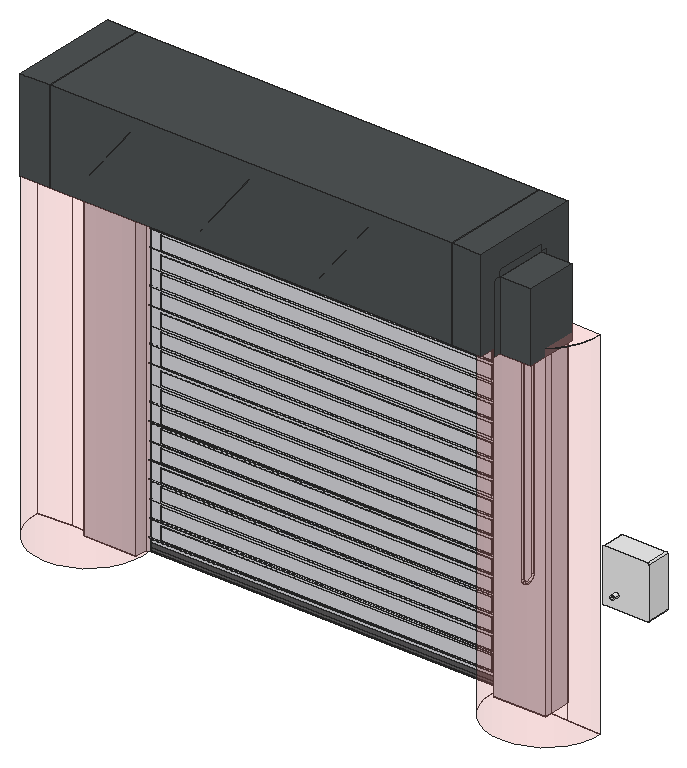
Revit family "Doors_Garage_Overhead-Door-Corporation_RapidView-High-Speed-Exterior-Metal-Door-999_new_", category Specialty Equipment, host Wall, Revit 2019 (continued)
Definition of nested family "Lifts"
  Definition of nested family "General Motor"
    Dimensions and locks (in)
      aligned and locked: Extrusion 13 sketch curve to Extrusion 13 sketch curve
      aligned and locked: cut or joined group of Extrusion 11, Extrusion 12, Extrusion 13 to Extrusion 13 sketch curve
      aligned and locked: Extrusion 13 sketch curve to cut or joined group of Extrusion 11, Extrusion 12, Extrusion 13
    Automatic sketch dimensions
      Revolve 1 sketch curve to plane 5 = 0' - 0"
      Revolve 1 sketch curve to plane 4 = 0' - 1.965"
      Revolve 1 sketch curve to level = 0' - 4.941"
      Revolve 1 sketch curve to Revolve 1 sketch curve = 0' - 0.256"
      Revolve 1 sketch curve to Revolve 1 sketch curve = 0' - 1.142"
      Revolve 1 sketch curve to Revolve 1 sketch curve = 0' - 4.843"
      Revolve 1 sketch curve to Revolve 1 sketch curve = 0' - 1.339"
      Revolve 1 sketch curve to Revolve 1 sketch curve = 0' - 2.48"
      plane 5 to Revolve 1 sketch curve = 0' - 1.347"
      Revolve 1 sketch curve to plane 1 "Center (Front/Back)" = 0' - 8.066"
      Revolve 1 sketch curve to Revolve 1 sketch curve = 0' - 1.07288"
      Revolve 1 sketch curve to Revolve 1 sketch curve = 0' - 0.62812"
      Revolve 1 sketch curve to Revolve 1 sketch curve = 0' - 0.651"
      Revolve 1 sketch curve to plane 1 "Center (Front/Back)" = 0' - 5.704"
      Revolve 1 sketch curve to Revolve 1 sketch curve = 0' - 0.128"
      Revolve 1 sketch curve to Revolve 1 sketch curve = 0' - 0.067"
      Revolve 1 sketch curve to Revolve 1 sketch curve = 0' - 2.598"
      Extrusion 2 sketch curve to level = 0' - 6.339"
      Extrusion 2 sketch curve to Extrusion 2 sketch curve = 0' - 4.843"
      Extrusion 2 sketch curve to plane 1 "Center (Front/Back)" = 1' - 1 7/8"
      Extrusion 2 sketch curve to Extrusion 2 sketch curve = 0' - 6"
      plane 1 "Center (Front/Back)" to Extrusion 3 sketch curve = 0' - 0"
      Extrusion 3 sketch curve to plane 1 "Center (Front/Back)" = 0' - 1.755"
      plane 3 "Center (Left/Right)" to Extrusion 3 sketch curve = 0' - 5.729"
      Extrusion 3 sketch curve to Extrusion 3 sketch curve = 0' - 0 1/4"  (x2)
      Extrusion 3 sketch curve to Extrusion 3 sketch curve = 0' - 0.76325"
      Extrusion 3 sketch curve to Extrusion 3 sketch curve = 0' - 0.14434"
      Extrusion 3 sketch curve to plane 3 "Center (Left/Right)" = 0' - 1.14825"
      Extrusion 3 sketch curve to Extrusion 3 sketch curve = 0' - 0.06699"
      Extrusion 3 sketch curve to Extrusion 3 sketch curve = 0' - 1.67401"
      Extrusion 4 sketch curve to plane 3 "Center (Left/Right)" = 0' - 3.771"
      Extrusion 4 sketch curve to plane 3 "Center (Left/Right)" = 0' - 1.14825"  (x2)
      plane 3 "Center (Left/Right)" to Extrusion 4 sketch curve = 0' - 0.58575"
      Extrusion 4 sketch curve to Extrusion 4 sketch curve = 0' - 1.95325"  (x2)
      Extrusion 4 sketch curve to Extrusion 4 sketch curve = 0' - 3.19"  (x2)
      Extrusion 4 sketch curve to level = 0' - 5.9755"
      Extrusion 4 sketch curve to Extrusion 4 sketch curve = 0' - 1.4155"
      Extrusion 4 sketch curve to Extrusion 4 sketch curve = 0' - 2 1/4"  (x2)
      Extrusion 4 sketch curve to Extrusion 4 sketch curve = 0' - 1 1/4"  (x2)
      level to Extrusion 4 sketch curve = 0' - 3.31"
      level to Extrusion 4 sketch curve = 0' - 3.7255"
      Extrusion 5 sketch curve to level = 0' - 3.17729"
      Extrusion 5 sketch curve to Extrusion 5 sketch curve = 0' - 1.27271"  (x2)
      Extrusion 5 sketch curve to plane 1 "Center (Front/Back)" = 0' - 1.18157"
      Extrusion 5 sketch curve to Extrusion 5 sketch curve = 0' - 0.325"  (x2)
      Extrusion 5 sketch curve to plane 1 "Center (Front/Back)" = 0' - 1.441"
      Extrusion 5 sketch curve to Extrusion 5 sketch curve = 0' - 4.99"
      Extrusion 5 sketch curve to Extrusion 5 sketch curve = 0' - 0.39"  (x2)
      Extrusion 5 sketch curve to Extrusion 5 sketch curve = 0' - 2.93885"
      Extrusion 5 sketch curve to Extrusion 5 sketch curve = 0' - 3.2"
      Extrusion 6 sketch curve to plane 3 "Center (Left/Right)" = 0' - 4 1/2"
      Extrusion 6 sketch curve to Extrusion 6 sketch curve = 0' - 2"
      Extrusion 6 sketch curve to plane 3 "Center (Left/Right)" = 0' - 2.06343"
      plane 3 "Center (Left/Right)" to Extrusion 6 sketch curve = 0' - 2.06343"
      plane 3 "Center (Left/Right)" to Extrusion 6 sketch curve = 0' - 2 1/2"
      Extrusion 6 sketch curve to Extrusion 6 sketch curve = 0' - 2.43657"
      Extrusion 6 sketch curve to level = 0' - 10.775"
      Extrusion 6 sketch curve to Extrusion 6 sketch curve = 0' - 1.01"
      Extrusion 6 sketch curve to level = 0' - 4.775"  (x2)
      Extrusion 7 sketch curve to plane 1 "Center (Front/Back)" = 0' - 0 1/4"
      level to Extrusion 7 sketch curve = 0' - 3.346"
      Extrusion 7 sketch curve to level = 0' - 3.346"
      Extrusion 8 sketch curve to plane 6 = 0' - 0"
      Extrusion 8 sketch curve to plane 1 "Center (Front/Back)" = 0' - 10.6"
      Extrusion 8 sketch curve to Extrusion 8 sketch curve = 0' - 2.6"
      Extrusion 9 sketch curve to plane 1 "Center (Front/Back)" = 0' - 8.066"
      Extrusion 9 sketch curve to level = 1' - 5.19509"
      Sweep 10 sketch curve to profile plane = 0' - 0.2675"
      profile plane to Sweep 10 sketch curve = 0' - 3.18196"
      Masking region 2 sketch curve to plane 3 "Center (Left/Right)" = 0' - 0"
      Masking region 2 sketch curve to plane 3 "Center (Left/Right)" = 0' - 1.97"  (x2)
      Masking region 2 sketch curve to Masking region 2 sketch curve = 0' - 0.53"  (x4)
      plane 3 "Center (Left/Right)" to Masking region 2 sketch curve = 0' - 1.97"  (x2)
      Masking region 2 sketch curve to plane 1 "Center (Front/Back)" = 0' - 1.18157"  (x2)
      Masking region 2 sketch curve to Masking region 2 sketch curve = 0' - 0.39"  (x4)
      Masking region 2 sketch curve to Masking region 2 sketch curve = 0' - 2.93885"  (x2)
      Masking region 2 sketch curve to Masking region 2 sketch curve = 0' - 3.16557"
      Masking region 1 sketch curve to Masking region 1 sketch curve = 0' - 0"  (x2)
      plane 1 "Center (Front/Back)" to Masking region 1 sketch curve = 0' - 0"
      Masking region 1 sketch curve to plane 3 "Center (Left/Right)" = 0' - 0"
      Masking region 1 sketch curve to plane 1 "Center (Front/Back)" = 0' - 0 1/4"
      Masking region 1 sketch curve to plane 3 "Center (Left/Right)" = 0' - 1.14825"
      Masking region 1 sketch curve to plane 3 "Center (Left/Right)" = 0' - 1.97"
      Masking region 1 sketch curve to Masking region 1 sketch curve = 0' - 0.82175"
      Masking region 1 sketch curve to Masking region 1 sketch curve = 0' - 0.25576"  (x2)
      Masking region 1 sketch curve to Masking region 1 sketch curve = 0' - 0.53"  (x2)
      Masking region 1 sketch curve to plane 3 "Center (Left/Right)" = 0' - 2 1/2"
      plane 3 "Center (Left/Right)" to Masking region 1 sketch curve = 0' - 1.97"  (x2)
      plane 3 "Center (Left/Right)" to Masking region 1 sketch curve = 0' - 2 1/2"
      Masking region 1 sketch curve to Masking region 1 sketch curve = 0' - 0.33924"  (x2)
      Masking region 1 sketch curve to Masking region 1 sketch curve = 0' - 0.065"
      Masking region 1 sketch curve to Masking region 1 sketch curve = 0' - 1.23391"
      Masking region 1 sketch curve to Masking region 1 sketch curve = 0' - 2.07141"
      Masking region 1 sketch curve to Masking region 1 sketch curve = 0' - 0.14434"
      Masking region 1 sketch curve to Masking region 1 sketch curve = 0' - 1.68009"
      Masking region 1 sketch curve to Masking region 1 sketch curve = 0' - 0 1/4"
      Masking region 1 sketch curve to plane 1 "Center (Front/Back)" = 0' - 0.25881"
      Masking region 1 sketch curve to Masking region 1 sketch curve = 0' - 0.92276"  (x2)
      Masking region 1 sketch curve to plane 1 "Center (Front/Back)" = 0' - 1.755"
      Masking region 1 sketch curve to Masking region 1 sketch curve = 0' - 0.06699"
      Masking region 1 sketch curve to Masking region 1 sketch curve = 0' - 1.67401"
      Masking region 1 sketch curve to Masking region 1 sketch curve = 0' - 3.71885"  (x2)
      Masking region 1 sketch curve to Masking region 1 sketch curve = 0' - 0.49957"
      Masking region 1 sketch curve to Masking region 1 sketch curve = 0' - 0.97228"
      Masking region 1 sketch curve to Masking region 1 sketch curve = 0' - 1.47185"
      Masking region 1 sketch curve to Masking region 1 sketch curve = 0' - 0.35372"
      Masking region 1 sketch curve to Masking region 1 sketch curve = 0' - 2.68"  (x2)
      Masking region 1 sketch curve to Masking region 1 sketch curve = 0' - 1.194"
      Masking region 1 sketch curve to Masking region 1 sketch curve = 0' - 4.469"
      Masking region 3 sketch curve to plane 9 = 0' - 0"
      plane 9 to Masking region 3 sketch curve = 0' - 0.06"  (x2)
      Masking region 3 sketch curve to plane 3 "Center (Left/Right)" = 0' - 4.611"
      plane 1 "Center (Front/Back)" to Masking region 3 sketch curve = 0' - 2 1/2"
      plane 1 "Center (Front/Back)" to Masking region 3 sketch curve = 0' - 0 1/2"
      Masking region 3 sketch curve to plane 1 "Center (Front/Back)" = 1' - 4.7"
      Masking region 3 sketch curve to Masking region 3 sketch curve = 0' - 2"
      curve 6 to plane 3 "Center (Left/Right)" = 0' - 2 1/2"
      plane 9 to curve 7 = 0' - 0.06"
      plane 1 "Center (Front/Back)" to curve 7 = 0' - 2 1/2"
      curve 1 to plane 1 "Center (Front/Back)" = 0' - 0.626"
      curve 1 to plane 3 "Center (Left/Right)" = 0' - 1.97"
      curve 2 to plane 1 "Center (Front/Back)" = 0' - 0.626"
      plane 3 "Center (Left/Right)" to curve 2 = 0' - 1.97"
      curve 2 to curve 3 = 0' - 0.53"
      curve 3 to curve 5 = 0' - 0.065"
      curve 5 to curve 4 = 0' - 0.005"
      curve 2 to curve 4 = 0' - 4.774"
      curve 4 to curve 2 = 0' - 0.97228"
      curve 1 to curve 2 = 0' - 0"
      curve 2 to curve 4 = 0' - 1.31333"
      curve 4 to curve 5 = 0' - 0.79317"
      curve 1 to curve 6 = 0' - 2.40055"
      curve 5 to curve 3 = 0' - 0.29406"
      curve 6 to curve 6 = 0' - 0.63317"
      curve 3 to curve 5 = 0' - 0.63317"
      curve 5 to curve 3 = 0' - 4.469"
      curve 3 to curve 7 = 0' - 4.825"
      Sweep 10 sketch curve to plane 1 "Center (Front/Back)" = 0' - 10 7/16"
      Sweep 10 sketch curve to Sweep 10 sketch curve = 0' - 2 7/16"
      radius of Extrusion 9 sketch curve = 0' - 1.34"
      radius of Sweep 10 sketch curve = 0' - 0.2675"
      radius of Masking region 2 sketch curve = 0' - 2.598"
Definition of nested family "Slat"
  Parameters (values of type "Slat")
    Standard Slat Material = none
    Standard Slat Bottom Rail [instance] = if(and(Bottom Rail, Standard Slat), 1 < 2, 1 > 2)  # no
    Standard Slat [instance] = 1 = 2  # no
    Slat Thickness = 0' - 1.18227"
    Slat Option [instance] = 1
    Slat Height = 0' - 5 13/16"
    Polycarbonated Slat Material = none
    Polycarbonate Slat Bottom Rail [instance] = if(and(Bottom Rail, Polycarbonate Slat), 1 < 2, 1 > 2)  # no
    Polycarbonate Slat [instance] = if(or(Slat Option > 2, Slat Option = 2), 1 < 2, 1 > 2)  # no
    Perforated Slat Material = none
    Perforated Slat Length = (Door Width / 40) * 37  # 9' - 3"
    Perforated Slat Bottom Rail [instance] = if(and(Bottom Rail, Perforated Slat), 1 < 2, 1 > 2)  # no
    Perforated Slat [instance] = if(or(Slat Option < 1, Slat Option = 1), 1 < 2, 1 > 2)  # yes
    Door Width = 10' - 0"
    Default Elevation = 4' - 0"
    Bottom Rail [instance] = no
  Reference planes (in)
    plane 1 "Center (Front/Back)": y = 0
    plane 2: z = 0
    plane 3 "Center (Left/Right)": x = 0
    plane 4: x = -60
    plane 5: x = 60
    plane 6: z = 5.8125
    plane 7: y = -0.59114
    plane 8: y = 0.59114
    plane 9: y = -0.32455
    plane 10: y = -0.32455
    plane 11: y = -0.32455
  Forms (in)
    Extrusion 1, solid, material <- "Standard Slat Material", visible <- "Standard Slat"
      sketch origin (0, 0, 0) x (0, 1, 0) y (0, 0, 1)
        loop
          line (0.02508, 0) -> (0.59114, 0) -> (0.59114, 5.8125) -> (0.02508, 5.8125) -> (-0.59114, 5.19629) -> (-0.59114, 0.61621) -> (0.02508, 0)
      from -60 to 60
    Extrusion 2, solid, material <- "Standard Slat Material", visible <- "Standard Slat"
      sketch origin (0, 0, 0) x (0, 1, 0) y (0, 0, 1)
        loop
          line (-0.67418, 5.8125) -> (-0.67418, 0)
          arc (-0.67418, 0) -> (-0.32455, -0.34963) -> (0.02508, 0) r 0.34963
          line (0.02508, 0) -> (-0.59114, 0.61621) -> (-0.59114, 5.19629) -> (0.02508, 5.8125)
          arc (0.02508, 5.8125) -> (-0.32455, 6.16213) -> (-0.67418, 5.8125) r 0.34963
      from -60 to 60
    Extrusion 3, solid, material <- "Standard Slat Material", visible <- "Perforated Slat"
      sketch origin (0, 0, 0) x (0, 1, 0) y (0, 0, 1)
        loop
          line (0.02508, 0) -> (0.59114, 0) -> (0.59114, 5.8125) -> (0.02508, 5.8125) -> (-0.59114, 5.19629) -> (-0.59114, 0.61621) -> (0.02508, 0)
      from -60 to 60
    Extrusion 4, solid, material <- "Standard Slat Material", visible <- "Perforated Slat"
      sketch origin (0, 0, 0) x (0, 1, 0) y (0, 0, 1)
        loop
          line (-0.67418, 5.8125) -> (-0.67418, 0)
          arc (-0.67418, 0) -> (-0.32455, -0.34963) -> (0.02508, 0) r 0.34963
          line (0.02508, 0) -> (-0.59114, 0.61621) -> (-0.59114, 5.19629) -> (0.02508, 5.8125)
          arc (0.02508, 5.8125) -> (-0.32455, 6.16213) -> (-0.67418, 5.8125) r 0.34963
      from -60 to 60
    Extrusion 5, solid, material <- "Standard Slat Material", visible <- "Polycarbonate Slat"
      sketch origin (0, 0, 0) x (0, 1, 0) y (0, 0, 1)
        loop
          line (0.02508, 0) -> (0.59114, 0) -> (0.59114, 5.8125) -> (0.02508, 5.8125) -> (-0.59114, 5.19629) -> (-0.59114, 0.61621) -> (0.02508, 0)
      from -60 to 60
    Extrusion 6, solid, material <- "Standard Slat Material", visible <- "Polycarbonate Slat"
      sketch origin (0, 0, 0) x (0, 1, 0) y (0, 0, 1)
        loop
          line (-0.67418, 5.8125) -> (-0.67418, 0)
          arc (-0.67418, 0) -> (-0.32455, -0.34963) -> (0.02508, 0) r 0.34963
          line (0.02508, 0) -> (-0.59114, 0.61621) -> (-0.59114, 5.19629) -> (0.02508, 5.8125)
          arc (0.02508, 5.8125) -> (-0.32455, 6.16213) -> (-0.67418, 5.8125) r 0.34963
      from -60 to 60
    Extrusion 7, solid, material <- "Standard Slat Material", visible <- "Standard Slat Bottom Rail"
      sketch origin (0, 0, 0) x (0, 1, 0) y (0, 0, 1)
        loop
          line (-0.59114, -0.22622) -> (-0.59114, -1.0625) -> (0.59114, -1.0625) -> (0.59114, 0) -> (0.02508, 0)
          arc (0.02508, 0) -> (-0.20406, -0.32821) -> (-0.59114, -0.22622) r 0.34963
      from -60 to 60
    Extrusion 8, solid, material <- "Standard Slat Material", visible <- "Perforated Slat Bottom Rail"
      sketch origin (0, 0, 0) x (0, 1, 0) y (0, 0, 1)
        loop
          line (-0.59114, -0.22622) -> (-0.59114, -1.0625) -> (0.59114, -1.0625) -> (0.59114, 0) -> (0.02508, 0)
          arc (0.02508, 0) -> (-0.20406, -0.32821) -> (-0.59114, -0.22622) r 0.34963
      from -60 to 60
    Extrusion 9, solid, material <- "Standard Slat Material", visible <- "Polycarbonate Slat Bottom Rail"
      sketch origin (0, 0, 0) x (0, 1, 0) y (0, 0, 1)
        loop
          line (-0.59114, -0.22622) -> (-0.59114, -1.0625) -> (0.59114, -1.0625) -> (0.59114, 0) -> (0.02508, 0)
          arc (0.02508, 0) -> (-0.20406, -0.32821) -> (-0.59114, -0.22622) r 0.34963
      from -60 to 60
    Extrusion 10, void
      sketch origin (0, 0, 0) x (1, 0, 0) y (0, 0, 1)
        loop
          line (-55.5, 5.19629) -> (-55.5, 0.61621) -> (55.5, 0.61621) -> (55.5, 5.19629) -> (-55.5, 5.19629)
      from -3.39847 to 3.48063
    Extrusion 11, solid, material <- "Perforated Slat Material", visible <- "Perforated Slat"
      sketch origin (0, 0, 0) x (1, 0, 0) y (0, 0, 1)
        loop
          line (-55.5, 5.19629) -> (-55.5, 0.61621) -> (55.5, 0.61621) -> (55.5, 5.19629) -> (-55.5, 5.19629)
      from -0.59114 to 0.67418
    Extrusion 12, void
      sketch origin (0, 0, 0) x (1, 0, 0) y (0, 0, 1)
        loop
          line (-59, 0.61621) -> (59, 0.61621) -> (59, 5.19629) -> (-59, 5.19629) -> (-59, 0.61621)
      from -9.08759 to 12
    Extrusion 13, solid, material <- "Polycarbonated Slat Material", visible <- "Polycarbonate Slat"
      sketch origin (0, 0, 0) x (1, 0, 0) y (0, 0, 1)
        loop
          line (-59, 5.19629) -> (-59, 0.61621) -> (59, 0.61621) -> (59, 5.19629) -> (-59, 5.19629)
      from -0.59114 to 0.67418
  Cuts and joins
    Extrusion 10 cuts Extrusion 4
    Extrusion 10 cuts Extrusion 3
    Extrusion 12 cuts Extrusion 6
    Extrusion 12 cuts Extrusion 5
  Lines and regions (in)
    model lines
      curve 1: line (-60, -0.67418, 5.8125) -> (60, -0.67418, 5.8125)
  Dimensions and locks (in)
    equal spacing: plane 4, plane 3 "Center (Left/Right)", plane 5
    "Door Width": plane 4 to plane 5
    "Slat Height": plane 6 to level
    equal spacing: plane 7, plane 1 "Center (Front/Back)", plane 8
    "Slat Thickness": plane 7 to plane 8
    locked: Extrusion 1 sketch curve to Extrusion 1 sketch curve at 0.56606
    locked: plane 9 to plane 8 at 0.91569
    locked: Extrusion 3 sketch curve to Extrusion 3 sketch curve at 0.56606
    locked: Extrusion 5 sketch curve to Extrusion 5 sketch curve at 0.56606
    locked: level to Extrusion 7 sketch curve at 1.0625
    "Perforated Slat Length": Extrusion 10 sketch curve to Extrusion 10 sketch curve
    equal spacing: Extrusion 10 sketch curve, plane 3 "Center (Left/Right)", Extrusion 10 sketch curve
    equal spacing: Extrusion 11 sketch curve, plane 3 "Center (Left/Right)", Extrusion 11 sketch curve
    "Perforated Slat Length": Extrusion 11 sketch curve to Extrusion 11 sketch curve
    locked: plane 5 to Extrusion 12 sketch curve at 1
    locked: plane 4 to Extrusion 12 sketch curve at 1
    locked: plane 5 to Extrusion 13 sketch curve at 1
    locked: plane 4 to Extrusion 13 sketch curve at 1
    locked: Extrusion 1 sketch curve to Extrusion 1 sketch curve (angle 135.00°)
    locked: Extrusion 1 sketch curve to plane 6 (angle 135.00°)
    locked: Extrusion 3 sketch curve to Extrusion 3 sketch curve (angle 135.00°)
    locked: Extrusion 5 sketch curve to Extrusion 5 sketch curve (angle 135.00°)
    aligned and locked: plane 2 to level
    aligned and locked: Extrusion 1 sketch curve to level
    aligned and locked: Extrusion 1 sketch curve to plane 8
    aligned and locked: Extrusion 1 sketch curve to plane 6
    aligned and locked: Extrusion 1 sketch curve to plane 7
    aligned and locked: plane 5 to Extrusion 1
    aligned and locked: plane 4 to Extrusion 1
    aligned and locked: plane 5 to Extrusion 2
    aligned and locked: plane 4 to Extrusion 2
    aligned and locked: plane 5 to curve 1
    aligned and locked: plane 4 to curve 1
    aligned and locked: plane 5 to Extrusion 6
    aligned and locked: plane 5 to Extrusion 5
    aligned and locked: plane 5 to Extrusion 4
    aligned and locked: plane 5 to Extrusion 3
    aligned and locked: plane 4 to Extrusion 6
    aligned and locked: plane 4 to Extrusion 5
    aligned and locked: plane 4 to Extrusion 4
    aligned and locked: plane 4 to Extrusion 3
    aligned and locked: Extrusion 7 sketch curve to level
    aligned and locked: plane 5 to Extrusion 9
    aligned and locked: plane 5 to Extrusion 8
    aligned and locked: plane 5 to Extrusion 7
    aligned and locked: plane 4 to Extrusion 9
    aligned and locked: plane 4 to Extrusion 8
    aligned and locked: plane 4 to Extrusion 7
  Automatic sketch dimensions
    Extrusion 1 sketch curve to plane 1 "Center (Front/Back)" = 0' - 0.02508"
    Extrusion 2 sketch curve to plane 6 = 0' - 0"
    Extrusion 2 sketch curve to level = 0' - 0"
    Extrusion 2 sketch curve to plane 7 = 0' - 0"
    Extrusion 2 sketch curve to plane 9 = 0' - 0"  (x2)
    plane 7 to Extrusion 2 sketch curve = 0' - 0.08305"
    level to Extrusion 2 sketch curve = 0' - 0.61621"
    Extrusion 2 sketch curve to plane 6 = 0' - 0.61621"
    curve 1 to Extrusion 2 = 0' - 0"
    Extrusion 3 sketch curve to plane 7 = 0' - 0"
    Extrusion 3 sketch curve to plane 6 = 0' - 0"
    Extrusion 3 sketch curve to level = 0' - 0"
    Extrusion 3 sketch curve to plane 8 = 0' - 0"
    Extrusion 3 sketch curve to plane 1 "Center (Front/Back)" = 0' - 0.02508"
    Extrusion 3 sketch curve to plane 6 = 0' - 0.61621"
    Extrusion 4 sketch curve to plane 6 = 0' - 0"
    Extrusion 4 sketch curve to level = 0' - 0"
    Extrusion 4 sketch curve to plane 7 = 0' - 0"
    Extrusion 4 sketch curve to plane 10 = 0' - 0"  (x2)
    plane 7 to Extrusion 4 sketch curve = 0' - 0.08305"
    level to Extrusion 4 sketch curve = 0' - 0.61621"
    Extrusion 4 sketch curve to plane 6 = 0' - 0.61621"
    Extrusion 5 sketch curve to plane 7 = 0' - 0"
    Extrusion 5 sketch curve to plane 6 = 0' - 0"
    Extrusion 5 sketch curve to level = 0' - 0"
    Extrusion 5 sketch curve to plane 8 = 0' - 0"
    Extrusion 5 sketch curve to plane 1 "Center (Front/Back)" = 0' - 0.02508"
    Extrusion 5 sketch curve to plane 6 = 0' - 0.61621"
    Extrusion 6 sketch curve to plane 6 = 0' - 0"
    Extrusion 6 sketch curve to level = 0' - 0"
    Extrusion 6 sketch curve to plane 7 = 0' - 0"
    Extrusion 6 sketch curve to plane 11 = 0' - 0"  (x2)
    plane 7 to Extrusion 6 sketch curve = 0' - 0.08305"
    level to Extrusion 6 sketch curve = 0' - 0.61621"
    Extrusion 6 sketch curve to plane 6 = 0' - 0.61621"
    Extrusion 7 sketch curve to plane 7 = 0' - 0"
    Extrusion 7 sketch curve to plane 8 = 0' - 0"
    plane 1 "Center (Front/Back)" to Extrusion 7 sketch curve = 0' - 0.32455"
    Extrusion 7 sketch curve to plane 1 "Center (Front/Back)" = 0' - 0.02508"
    Extrusion 8 sketch curve to plane 7 = 0' - 0"
    Extrusion 8 sketch curve to level = 0' - 0"
    Extrusion 8 sketch curve to plane 8 = 0' - 0"
    plane 1 "Center (Front/Back)" to Extrusion 8 sketch curve = 0' - 0.32455"
    Extrusion 8 sketch curve to plane 1 "Center (Front/Back)" = 0' - 0.02508"
    Extrusion 8 sketch curve to level = 0' - 1 1/16"
    Extrusion 9 sketch curve to level = 0' - 0"
    Extrusion 9 sketch curve to level = 0' - 0.22622"
    plane 8 to Extrusion 9 sketch curve = 0' - 1.18227"
    Extrusion 9 sketch curve to Extrusion 9 sketch curve = 0' - 0.26658"
    Extrusion 9 sketch curve to Extrusion 9 sketch curve = 0' - 1.18227"
    Extrusion 9 sketch curve to level = 0' - 1 1/16"
    level to Extrusion 12 sketch curve = 0' - 0.61621"
    Extrusion 12 sketch curve to plane 6 = 0' - 0.61621"
    Extrusion 13 sketch curve to plane 6 = 0' - 0.61621"
    level to Extrusion 13 sketch curve = 0' - 0.61621"
    level to Extrusion 10 sketch curve = 0' - 0.61621"
    Extrusion 10 sketch curve to plane 6 = 0' - 0.61621"
    level to Extrusion 11 sketch curve = 0' - 0.61621"
    Extrusion 11 sketch curve to plane 6 = 0' - 0.61621"
Types (3): name | External Transformer | Voltage | Apparent Load Phase 3 | Apparent Load Phase 2 | Apparent Load Phase 1
  230 volts, three phase, 60 Hz (208-245V range) | no | 230 V | 2655.81 VA | 2655.81 VA | 2655.81 VA
  460 volts, three phase, 60 Hz (456-495V range) | no | 460 V | 5311.62 VA | 5311.62 VA | 5311.62 VA
  575 volts, three phase, 60 Hz | yes | 575 V | 6639.53 VA | 6639.53 VA | 6639.53 VA
